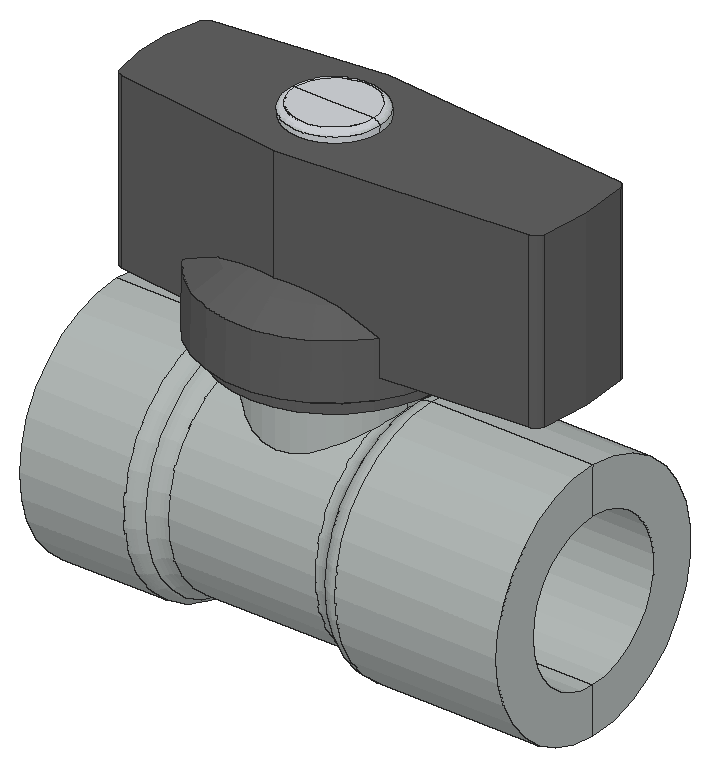
Revit family "QL10341015", category Apparecchi idraulici, Revit 2020
Family settings
  Quota connettore circolare = Usa diametro
  Tipo di parte = Normale
  Numero OmniClass = 23.45.00.00
  Titolo OmniClass = Sanitary, Laundry, and Cleaning Equipment
  Basato su piano di lavoro = No
  Sempre verticale = Sì
  Taglio con vuoti quando caricato = No
  Condiviso = No
  Punto di calcolo locali = No
Parameters
  URL = "https://web.cimberio.com/index.php/figura/46?subcategoria_id=47"
  Temperatura di esercizio = "-20 ÷ 95°C"
  Prospetto di default = 0 mm
  Produttore = "CIMBERIO SPA"
  Pressione nominale = "PN 20"
  Modello = "Cim 31"
  Materiale = "Prodotto in lega di ottone conforme alla norma EN 12165-CW617N-DW"
  Descrizione = "Utilizzato nei più svariati settori dell'impiantistica: impianti di riscaldamento, condizionamento, idrici, igienico-sanitari, aria compressa e in generale con ogni fluido non corrosivo"
  DN [instance] = 15 mm
  Commenti sul tipo = "Realizzato in ottemperanza ai requisiti gestionali della norma EN ISO 9001.\r\nCollaudato al 100% secondo la normativa EN 12266-1"
Reference planes
  plane 1 "Centro (Fronte/Retro)": y = 0
  plane 2: z = 0
  plane 3 "Centro (Sinistra/Destra)": x = 0
Forms (mm)
  Revolve 1, solid, material "Cim_Gomma"
    sketch origin (1.75, 0, -1.993) x (1, 0, 0) y (0, 0, 1)
      loop
        line (-13.65, 29.159) -> (-12.068, 28.245) -> (-12.068, 27.3) -> (-1.75, 27.3) -> (-1.75, 38.235)
        arc (-1.75, 38.235) -> (-7.968, 37.443) -> (-13.555, 34.603) r 18.326
        line (-13.555, 34.603) -> (-13.65, 29.159)
      axis (-1.75, 27.3) -> (-1.75, 38.235)
    angle from 0 to 360
  Revolve 2, solid
    sketch origin (1.75, 0, -1.986) x (1, 0, 0) y (0, 0, 1)
      loop
        line (-6.25, 48.586) -> (-6.25, 47.06) -> (-1.75, 47.06) -> (-1.75, 49.1) -> (-5.644, 49.1)
        arc (-5.644, 49.1) -> (-6.041, 48.954) -> (-6.25, 48.586) r 0.614
      axis (-1.75, 49.1) -> (-1.75, 47.06)
    angle from 0 to 360
  Extrusion 3, solid, material "Cim_Gomma"
    sketch origin (0, 0, 0) x (1, 0, 0) y (0, 1, 0)
      loop
        line (0.009, -7.501) -> (23.658, -5.5)
        arc (23.658, -5.5) -> (24.243, -5.247) -> (24.556, -4.691) r 1
        arc (24.556, -4.691) -> (25, 0) -> (24.556, 4.691) r 25
        arc (24.556, 4.691) -> (24.239, 5.25) -> (23.647, 5.501) r 1
        line (23.647, 5.501) -> (-0.625, 7.424) -> (-16.553, 5.495)
        arc (-16.553, 5.495) -> (-17.052, 5.275) -> (-17.344, 4.814) r 0.939
        arc (-17.344, 4.814) -> (-18, -0.037) -> (-17.324, -4.886) r 18
        arc (-17.324, -4.886) -> (-17.026, -5.352) -> (-16.52, -5.572) r 0.95
        line (-16.52, -5.572) -> (0.009, -7.501)
    from 29.1 to 46.1
  Revolve 4, solid, material "Cim_Lega di ottone"
    sketch origin (0, 0, 0) x (1, 0, 0) y (0, 0, 1)
      loop
        line (-21.5, 4.5) -> (-21.5, 0) -> (-11.228, 0)
        arc (-11.228, 0) -> (-10.358, 0.2) -> (-9.661, 0.758) r 2
        arc (-9.661, 0.758) -> (-8.942, 1.3) -> (-8.072, 1.5) r 2
        line (-8.072, 1.5) -> (6.472, 1.5)
        arc (6.472, 1.5) -> (7.342, 1.3) -> (8.039, 0.742) r 2
        arc (8.039, 0.742) -> (8.758, 0.2) -> (9.628, 0) r 2
        line (9.628, 0) -> (25.6, 0) -> (25.6, 4.5) -> (-21.5, 4.5)
      axis (-21.5, 12) -> (25.6, 12)
    angle from 0 to 360
  Revolve 5, solid, material "Cim_Lega di ottone"
    sketch origin (0, 0, 0) x (1, 0, 0) y (0, 0, 1)
      loop
        line (-7.25, 27.962) -> (-7.25, 18.764) -> (-1.821, 18.764) -> (-1.821, 27.962) -> (-7.25, 27.962)
      axis (0, 27.962) -> (0, 18.764)
    angle from 0 to 360
Dimensions and locks
  aligned and locked: level to plane 2
Connectors
  piping at (25.6, 0, 12), diameter 15, driven by "DN"
    settings: on Revolve 4, index 1, connector inside diameter 609.6 mm, connector length 0 mm, flow factor 0, pipe flow 0.0 L/s, pressure drop 0.0 Pa, fitting loss kfactor 0, connector angle 0.00°, fixture units 0, engagement length 0 mm, angle of deflection 0.00°, flow configuration 0, flow direction 0, fitting loss method 0, system type 7, joint type 0, gender type 0, connector reference index -1, connector utility 0, adjustable connector no, is connector primary yes, connector description ""
  piping at (-21.5, 0, 12), diameter 15, driven by "DN"
    settings: on Revolve 4, index 2, connector inside diameter 609.6 mm, connector length 0 mm, flow factor 0, pipe flow 0.0 L/s, pressure drop 0.0 Pa, fitting loss kfactor 0, connector angle 0.00°, fixture units 0, engagement length 0 mm, angle of deflection 0.00°, flow configuration 0, flow direction 0, fitting loss method 0, system type 7, joint type 0, gender type 0, connector reference index -1, connector utility 0, adjustable connector no, is connector primary no, connector description ""
